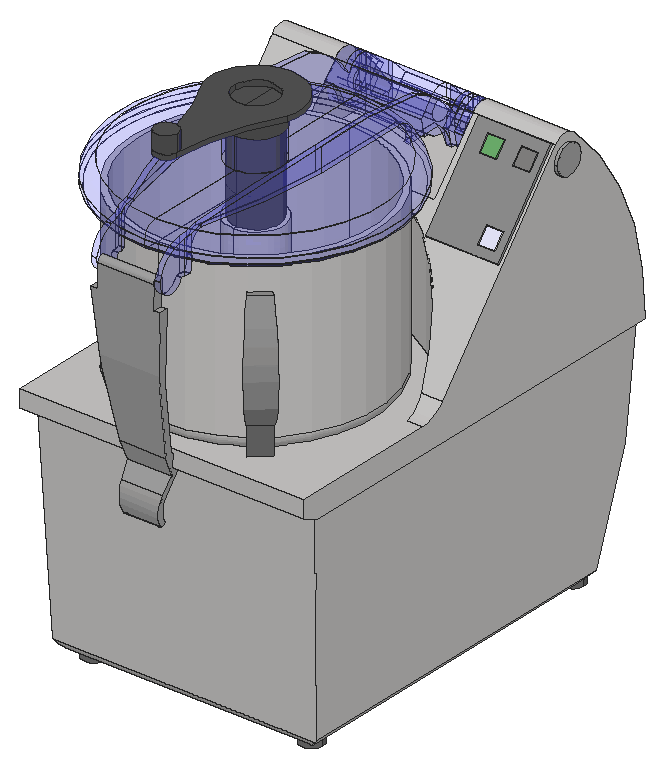
Revit family "QF_DITOSAMA_600448_DK45YVV", category Specialty Equipment, Revit 2018
Family settings
  Round Connector Dimension = Use Diameter
  Part Type = Normal
  Work Plane-Based = No
  Always vertical = Yes
  Cut with Voids When Loaded = No
  Shared = No
  Room Calculation Point = No
Parameters (values of type "Standard")
  Weight = 22.00 kg
  Watts = 0 W
  Volts = 200 V
  URL Manufacturer = "http://www.ditosama.com"
  URL = "http://www.ditosama.com"
  Steam Supply Size = 0 mm
  Steam Supply Minimum Pressure = 0.0 Pa
  Steam Supply Maximum Pressure = 0.0 Pa
  Steam Pounds per Hour = 0
  Refrigeration Suction Line Size = 0.0 mm
  Refrigeration Liquid Line Size = 0.0 mm
  Refrigerant Compressor Remote = yes
  Manufacturer = "Dito Sama"
  Phase = 1
  Model = "DK45YVV"
  Length Actual = 256.0 mm  # constant formula
  Item Number = "600448"
  Hot Water Size = 0 mm
  Height Actual = 482.0 mm  # constant formula
  HP = "1.3 HP"
  Gas Size = 0 mm
  Gas KW = 0
  Gas Input Pressure = 0 W
  Direct Waste Size = 0 mm
  Description = "CUTTER-MIXER 4.5L-MICROTOOTHED BLADE-VARIAB.SPEED-1000W-200-240/1/50-60"
  Depth Actual = 415.0 mm  # constant formula
  Cycle = 50 Hz
  Condensate Return Size = 0 mm
  Compressed Air Volume = 0.0 L/s
  Compressed Air Size = 0 mm
  Compressed Air Pressure = 0.0 Pa
  Cold Water Size = 0 mm
  Accessory = yes
Reference planes
  plane 1 "Center (Front/Back)": y = 0
  plane 2: z = 0
  plane 3 "Center (Left/Right)": x = 0
  plane 4 "BASE": z = 6
  plane 5 "TOP": z = 685
  plane 6 "FRONT": y = -207.5
  plane 7 "BACK": y = 207.5
  plane 8 "LEFT": x = -128
  plane 9 "RIGHT": x = 128
  plane 10 "CenterX": x = -10
  plane 11 "Maniglia": through (-10, -59.177, 4000) normal (0.766, 0.6428, 0)
  plane 12 "Panel": through (4267.2, 107.252, 388.448) normal (0, 0.766, -0.6428)
  plane 13: z = 470
Forms (mm)
  Extrusion 1, solid, material "QF_Finishes_Stainless Steel"
    sketch origin (0, 0, 0) x (0, 1, 0) y (0, 0, 1)
      loop
        arc (155.897, 6) -> (160.37, 10.596) -> (163.359, 16.27) r 22.417
        arc (163.359, 16.27) -> (192.273, 107.896) -> (201.98, 203.483) r 470.678
        line (201.98, 203.483) -> (-161.42, 203.483)
        arc (-161.42, 203.483) -> (-159.547, 108.877) -> (-151.391, 14.604) r 1423.016
        arc (-151.391, 14.604) -> (-146.603, 8.365) -> (-139.103, 6) r 13.076
        line (-139.103, 6) -> (155.897, 6)
    from -128 to 128
  Extrusion 2, void
    sketch origin (0, -207.5, 0) x (-1, 0, 0) y (0, 0, 1)
      loop
        line (128, 203.483) -> (125, 203.483) -> (119.389, 16.27) -> (109.119, 6) -> (128, 6) -> (128, 203.483)
      loop
        line (-128, 203.483) -> (-128, 6) -> (-109.119, 6) -> (-119.389, 16.27) -> (-125, 203.483) -> (-128, 203.483)
    from 14.374 to 435.947
  Extrusion 3, solid, material "QF_Finishes_Stainless Steel"
    sketch origin (0, 0, 0) x (0, 1, 0) y (0, 0, 1)
      loop
        arc (207.5, 203.483) -> (187.745, 305.45) -> (127.203, 389.844) r 242.898
        arc (127.203, 389.844) -> (116.931, 393.38) -> (107.252, 388.448) r 13.902
        line (107.252, 388.448) -> (-20.106, 236.67)
        arc (-20.106, 236.67) -> (-30.264, 228.875) -> (-42.764, 226.104) r 29.578
        line (-42.764, 226.104) -> (-177.764, 226.104) -> (-177.764, 211.104) -> (-161.42, 203.483) -> (207.5, 203.483)
    from -128 to 128
  Extrusion 4, void
    sketch origin (0, -207.5, 0) x (-1, 0, 0) y (0, 0, 1)
      loop
        line (-53.607, 393.414) -> (-53.607, 336.684) -> (71.073, 336.684) -> (71.073, 393.414) -> (-53.607, 393.414)
    from 255.469 to 415
  Revolve 5, solid, material "QF_Plastic-Black"
    sketch origin (-10, 0, 0) x (0, -1, 0) y (0, 0, 1)
      loop
        line (59.177, 450.527) -> (28.516, 450.527) -> (35.424, 443.619) -> (35.424, 430.527) -> (38.194, 430.527) -> (38.194, 356.104) -> (59.177, 356.104) -> (59.177, 450.527)
      axis (59.177, 356.104) -> (59.177, 450.527)
    angle from 0 to 360
  Extrusion 6, solid, material "QF_Plastic-Black"
    sketch origin (0, 0, 0) x (1, 0, 0) y (0, 1, 0)
      loop
        arc (-48.167, -71.147) -> (-28.951, -114.517) -> (-19.956, -161.093) r 210.055
        arc (-19.956, -161.093) -> (-10, -170.155) -> (-0.044, -161.093) r 10
        arc (-0.044, -161.093) -> (8.951, -114.517) -> (28.167, -71.147) r 210.055
        arc (28.167, -71.147) -> (-10, -19.177) -> (-48.167, -71.147) r 40
    from 450.5 to 455
  Extrusion 7, solid, material "QF_Plastic-Black"
    sketch origin (0, 0, 0) x (1, 0, 0) y (0, 1, 0)
      loop
        circle (-10, -160.155) r 10
    from 455 to 470
  Extrusion 8, void
    sketch origin (0, 0, 0) x (1, 0, 0) y (0, 1, 0)
      loop
        circle (-10, -59.177) r 19
    from 427.6 to 472.8
  Extrusion 9, void
    sketch origin (0, 0, 0) x (1, 0, 0) y (0, 1, 0)
      loop
        arc (115, -59.177) -> (-10, 65.823) -> (-135, -59.177) r 125
        line (-135, -59.177) -> (115, -59.177)
    from 226.104 to 336.684
  Extrusion 10, void
    sketch origin (-20, 0, 0) x (-1, 0, 0) y (0, -1, 0)
      loop
        line (16.15, 177.864) -> (16.15, -123.86) -> (35.771, -123.86) -> (35.771, 48.192)
        arc (35.771, 48.192) -> (30.047, 105.502) -> (17.781, 161.776) r 500.876
        line (17.781, 161.776) -> (17.781, 171.776) -> (16.15, 177.864)
      loop
        line (40.771, -123.86) -> (45.852, -123.86) -> (45.852, 210.681) -> (21.15, 210.681) -> (21.15, 178.522) -> (22.781, 172.434) -> (22.781, 162.459)
        arc (22.781, 162.459) -> (35.047, 105.893) -> (40.771, 48.297) r 505.876
        line (40.771, 48.297) -> (40.771, -123.86)
    from 350.345 to 477.521
  Extrusion 11, solid, material "Glass"
    sketch origin (-20, 0, 0) x (0, 1, 0) y (0, 0, -1)
      loop
        line (-173.064, -369.647) -> (-181.303, -369.647)
        arc (-181.303, -369.647) -> (-196.341, -361.818) -> (-205.451, -376.117) r 12.548
        arc (-205.451, -376.117) -> (-199.87, -388.651) -> (-189.058, -397.099) r 28.357
        arc (-189.058, -397.099) -> (-65.868, -423.241) -> (59.99, -418.888) r 518.061
        arc (59.99, -418.888) -> (85.116, -404.522) -> (104.437, -382.973) r 90.696
        arc (104.437, -382.973) -> (113.885, -392.821) -> (127.203, -389.844) r 13.902
        arc (127.203, -389.844) -> (135.322, -382.188) -> (143.082, -374.167) r 242.898
        line (143.082, -374.167) -> (137.378, -368.464)
        arc (137.378, -368.464) -> (123.613, -353.84) -> (104.088, -358.543) r 20
        line (104.088, -358.543) -> (99.34, -358.543)
        arc (99.34, -358.543) -> (94.194, -371.609) -> (85.823, -382.884) r 53.446
        line (85.823, -382.884) -> (50.823, -382.884)
        arc (50.823, -382.884) -> (52.796, -383.701) -> (53.614, -385.674) r 2.79
        line (53.614, -385.674) -> (53.614, -390.892)
        arc (53.614, -390.892) -> (50.154, -399.244) -> (41.802, -402.703) r 11.812
        line (41.802, -402.703) -> (-160.307, -402.703)
        arc (-160.307, -402.703) -> (-168.659, -399.244) -> (-172.119, -390.892) r 11.812
        line (-172.119, -390.892) -> (-172.119, -385.826)
        arc (-172.119, -385.826) -> (-171.728, -384.361) -> (-170.659, -383.285) r 2.942
        line (-170.659, -383.285) -> (-173.064, -369.647)
      loop
        circle (117.901, -373.007) r 9.416
    from 16.15 to 45.852
  Extrusion 12, solid, material "Glass"
    sketch origin (0, 0, 0) x (0, 1, 0) y (0, 0, 1)
      loop
        line (137.378, 368.464) -> (143.082, 374.167)
        arc (143.082, 374.167) -> (135.322, 382.188) -> (127.203, 389.844) r 242.898
        arc (127.203, 389.844) -> (116.931, 393.38) -> (107.252, 388.448) r 13.902
        line (107.252, 388.448) -> (95.766, 374.76)
        arc (95.766, 374.76) -> (97.862, 366.72) -> (99.34, 358.543) r 108.872
        line (99.34, 358.543) -> (104.088, 358.543)
        arc (104.088, 358.543) -> (123.613, 353.84) -> (137.378, 368.464) r 20
      loop
        circle (117.901, 373.007) r 9.416
    from -71.073 to 53.607
  Extrusion 13, solid, material "QF_Finishes_Gray"
    sketch origin (0, 0, 0) x (0, 1, 0) y (0, 0, 1)
      loop
        arc (-182.273, 168.111) -> (-185.377, 178.111) -> (-182.273, 188.111) r 17.658
        line (-182.273, 188.111) -> (-169.592, 207.294) -> (-177.764, 211.104) -> (-177.764, 222.201) -> (-180.378, 224.815)
        arc (-180.378, 224.815) -> (-194.973, 298.318) -> (-196.805, 373.235) r 437.299
        arc (-196.805, 373.235) -> (-201.296, 377.726) -> (-205.788, 373.235) r 4.491
        arc (-205.788, 373.235) -> (-201.07, 296.739) -> (-185.461, 221.705) r 534.528
        line (-185.461, 221.705) -> (-177.764, 203.503) -> (-186.394, 190.943)
        arc (-186.394, 190.943) -> (-190.377, 178.111) -> (-186.394, 165.28) r 22.658
        arc (-186.394, 165.28) -> (-182.917, 164.635) -> (-182.273, 168.111) r 2.5
    from -49.646 to 27.326
  Extrusion 14, void
    sketch origin (0, -207.5, 0) x (-1, 0, 0) y (0, 0, 1)
      loop
        line (-15.15, 396.938) -> (-47.326, 396.938) -> (-47.326, 161.938) -> (-5.366, 161.938) -> (-20.516, 351.652) -> (-15.15, 351.652) -> (-15.15, 396.938)
      loop
        line (26.963, 161.938) -> (77.918, 161.938) -> (77.918, 396.938) -> (35.15, 396.938) -> (35.15, 351.652) -> (42.113, 351.652) -> (26.963, 161.938)
    from 46.08 to -69.339
  Extrusion 15, solid, material "Glass"
    sketch origin (0, 0, 0) x (0, 1, 0) y (0, 0, 1)
      loop
        line (-173.064, 369.647) -> (-170.659, 383.285)
        arc (-170.659, 383.285) -> (-171.728, 384.361) -> (-172.119, 385.826) r 2.942
        line (-172.119, 385.826) -> (-172.119, 390.892)
        arc (-172.119, 390.892) -> (-168.659, 399.244) -> (-160.307, 402.703) r 11.812
        line (-160.307, 402.703) -> (41.802, 402.703)
        arc (41.802, 402.703) -> (50.154, 399.244) -> (53.614, 390.892) r 11.812
        line (53.614, 390.892) -> (53.614, 385.674)
        arc (53.614, 385.674) -> (52.796, 383.701) -> (50.823, 382.884) r 2.79
        line (50.823, 382.884) -> (85.823, 382.884)
        arc (85.823, 382.884) -> (94.194, 371.609) -> (99.34, 358.543) r 53.446
        line (99.34, 358.543) -> (104.088, 358.543)
        arc (104.088, 358.543) -> (123.613, 353.84) -> (137.378, 368.464) r 20
        line (137.378, 368.464) -> (143.082, 374.167)
        arc (143.082, 374.167) -> (135.322, 382.188) -> (127.203, 389.844) r 242.898
        arc (127.203, 389.844) -> (113.885, 392.821) -> (104.437, 382.973) r 13.902
        arc (104.437, 382.973) -> (85.116, 404.522) -> (59.99, 418.888) r 90.696
        arc (59.99, 418.888) -> (-65.868, 423.241) -> (-189.058, 397.099) r 518.061
        arc (-189.058, 397.099) -> (-199.87, 388.651) -> (-205.451, 376.117) r 28.357
        arc (-205.451, 376.117) -> (-196.341, 361.818) -> (-181.303, 369.647) r 12.548
        line (-181.303, 369.647) -> (-173.064, 369.647)
      loop
        circle (117.901, 373.007) r 9.416
    from 16.15 to 45.852
  Extrusion 16, void
    sketch origin (0, 0, 0) x (1, 0, 0) y (0, 1, 0)
      loop
        line (16.15, -177.864) -> (17.781, -171.776) -> (17.781, -161.776)
        arc (17.781, -161.776) -> (30.047, -105.502) -> (35.771, -48.192) r 500.876
        line (35.771, -48.192) -> (35.771, 123.86) -> (16.15, 123.86) -> (16.15, -177.864)
      loop
        line (40.771, 123.86) -> (40.771, -48.297)
        arc (40.771, -48.297) -> (35.047, -105.893) -> (22.781, -162.459) r 505.876
        line (22.781, -162.459) -> (22.781, -172.434) -> (21.15, -178.522) -> (21.15, -210.681) -> (45.852, -210.681) -> (45.852, 123.86) -> (40.771, 123.86)
    from 350.345 to 477.521
  Revolve 17, solid, material "Glass"
    sketch origin (-10, 0, -40) x (0, -1, 0) y (0, 0, 1)
      loop
        line (38.194, 422.884) -> (38.194, 470.527) -> (35.424, 470.527) -> (35.424, 442.703) -> (-53.802, 442.703)
        arc (-53.802, 442.703) -> (-62.213, 439.268) -> (-65.732, 430.892) r 11.871
        line (-65.732, 430.892) -> (-65.732, 425.793)
        arc (-65.732, 425.793) -> (-64.88, 423.736) -> (-62.823, 422.884) r 2.909
        line (-62.823, 422.884) -> (38.194, 422.884)
      axis (59.177, 422.884) -> (59.177, 470.527)
    angle from 0 to 360
  Revolve 18, solid, material "QF_Metal-Stainless-Polished"
    sketch origin (-10, 0, 0) x (0, -1, 0) y (0, 0, 1)
      loop
        line (169.177, 382.884) -> (164.177, 382.884) -> (164.177, 237.884)
        arc (164.177, 237.884) -> (162.191, 233.09) -> (157.397, 231.104) r 6.78
        line (157.397, 231.104) -> (84.177, 231.104) -> (84.177, 356.104) -> (79.177, 356.104) -> (79.177, 226.104) -> (157.397, 226.104)
        arc (157.397, 226.104) -> (165.726, 229.554) -> (169.177, 237.884) r 11.78
        line (169.177, 237.884) -> (169.177, 382.884)
      axis (59.177, 382.884) -> (59.177, 226.104)
    angle from 0 to 360
  Extrusion 19, solid, material "QF_Plastic-Gray-Matte"
    sketch origin (-49.423, -13.925, 0) x (0.634002, 0.773331, 0) y (-0.773331, 0.634002, 0)
      loop
        line (-55.497, -222.333) -> (-26.468, -227.794) -> (-20.635, -161.119)
        arc (-20.635, -161.119) -> (-28.727, -159.898) -> (-36.729, -158.185) r 133.529
        line (-36.729, -158.185) -> (-55.497, -222.333)
    from 226.104 to 356.104
  Revolve 20, void
    sketch origin (-35.007, -29.374, 0) x (-0.642788, 0.766044, 0) y (0, 0, 1)
      loop
        arc (-155.215, 337.579) -> (-171.344, 302.579) -> (-155.215, 267.579) r 46.04
        line (-155.215, 267.579) -> (-147.754, 267.579) -> (-147.754, 337.579) -> (-155.215, 337.579)
      loop
        line (-155.215, 356.104) -> (-147.754, 356.104) -> (-147.754, 361.761) -> (-215.215, 361.761) -> (-215.215, 226.104) -> (-147.754, 226.104) -> (-147.754, 256.485) -> (-163.93, 256.485)
        arc (-163.93, 256.485) -> (-184.453, 308.471) -> (-155.215, 356.104) r 62.537
      axis (10, 361.761) -> (10, 226.104)
    angle from -8.217 to 8.652
  Extrusion 21, solid, material "QF_Finishes_Rubber Black"
    sketch origin (0, 0, 0) x (1, 0, 0) y (0, 1, 0)
      loop
        arc (57.446, -154.071) -> (64.931, -148.135) -> (72.061, -141.775) r 165.215
        line (72.061, -141.775) -> (66.401, -136.116)
        arc (66.401, -136.116) -> (59.824, -141.977) -> (52.928, -147.46) r 157.215
        line (52.928, -147.46) -> (57.446, -154.071)
    from 226.104 to 256.485
  Extrusion 22, solid, material "QF_Plastic-Gray-Matte"
    sketch origin (0, -128.336, 107.686) x (0, 0.642788, 0.766044) y (1, 0, 0)
      loop
        line (366.07, 59.066) -> (366.07, 124.8) -> (272.743, 124.8) -> (272.743, 59.066) -> (366.07, 59.066)
      loop
        line (356.63, 102.599) -> (356.63, 117.599) -> (341.63, 117.599) -> (341.63, 102.599) -> (356.63, 102.599)
      loop
        line (295.63, 102.599) -> (295.63, 117.599) -> (280.63, 117.599) -> (280.63, 102.599) -> (295.63, 102.599)
      loop
        line (356.63, 72.599) -> (356.63, 87.599) -> (341.63, 87.599) -> (341.63, 72.599) -> (356.63, 72.599)
    from -1 to 0.6
  Extrusion 23, solid, material "QF_Finishes_Red"
    sketch origin (0, -128.336, 107.686) x (0, 0.642788, 0.766044) y (1, 0, 0)
      loop
        line (356.63, 102.599) -> (356.63, 117.599) -> (341.63, 117.599) -> (341.63, 102.599) -> (356.63, 102.599)
    from -1 to 0.6
  Extrusion 24, solid, material "QF_Finishes_Green"
    sketch origin (-27.396, -127.834, 108.284) x (0, 0.642788, 0.766044) y (1, 0, 0)
      loop
        line (355.85, 99.994) -> (355.85, 114.994) -> (340.786, 114.994) -> (340.786, 99.994) -> (355.85, 99.994)
    from -1 to 0.6
  Extrusion 25, solid, material "QF_Plastic-White-Matte"
    sketch origin (0, -167.546, 60.958) x (0, 0.642788, 0.766044) y (1, 0, 0)
      loop
        line (356.63, 102.599) -> (356.63, 117.599) -> (341.63, 117.599) -> (341.63, 102.599) -> (356.63, 102.599)
    from -1 to 0.6
  Extrusion 26, solid, material "QF_Finishes_Stainless Steel"
    sketch origin (0, 207.5, 0) x (-1, 0, 0) y (0, 0, 1)
      loop
        circle (0, 202) r 10.353
    from -6.2 to 3
  Revolve 27, solid, material "QF_Door-Drawer Clearances", detail levels coarse
    sketch origin (-10, -221.856, 479.549) x (0, 0, 1) y (0, 1, 0)
      loop
        line (59.177, 490.527) -> (28.516, 490.527) -> (35.424, 483.619) -> (35.424, 470.527) -> (38.194, 470.527) -> (38.194, 442.703) -> (59.177, 442.703) -> (59.177, 490.527)
      axis (59.177, 442.703) -> (59.177, 490.527)
    angle from 0 to 360
  Extrusion 28, solid, material "QF_Door-Drawer Clearances", detail levels coarse
    sketch origin (0, -221.856, 479.549) x (1, 0, 0) y (0, 0, -1)
      loop
        arc (-48.167, -71.147) -> (-28.951, -114.517) -> (-19.956, -161.093) r 210.055
        arc (-19.956, -161.093) -> (-10, -170.155) -> (-0.044, -161.093) r 10
        arc (-0.044, -161.093) -> (8.951, -114.517) -> (28.167, -71.147) r 210.055
        arc (28.167, -71.147) -> (-10, -19.177) -> (-48.167, -71.147) r 40
    from 490.527 to 495.013
  Extrusion 29, solid, material "QF_Door-Drawer Clearances", detail levels coarse
    sketch origin (0, -221.856, 479.549) x (1, 0, 0) y (0, 0, -1)
      loop
        circle (-10, -160.155) r 10
    from 495.013 to 510.592
  Extrusion 30, void
    sketch origin (-20, -221.856, 479.359) x (-1, 0, 0) y (0, 0, 1)
      loop
        line (16.15, 177.864) -> (16.15, -123.86) -> (35.771, -123.86) -> (35.771, 48.192)
        arc (35.771, 48.192) -> (30.047, 105.502) -> (17.781, 161.776) r 500.876
        line (17.781, 161.776) -> (17.781, 171.776) -> (16.15, 177.864)
      loop
        line (40.771, -123.86) -> (45.852, -123.86) -> (45.852, 210.681) -> (21.15, 210.681) -> (21.15, 178.522) -> (22.781, 172.434) -> (22.781, 162.459)
        arc (22.781, 162.459) -> (35.047, 105.893) -> (40.771, 48.297) r 505.876
        line (40.771, 48.297) -> (40.771, -123.86)
    from 350.345 to 477.521
  Extrusion 31, solid, material "QF_Door-Drawer Clearances", detail levels coarse
    sketch origin (-20, -221.856, 479.359) x (0, 0, -1) y (0, -1, 0)
      loop
        line (-173.064, -409.647) -> (-181.303, -409.647)
        arc (-181.303, -409.647) -> (-196.341, -401.818) -> (-205.451, -416.117) r 12.548
        arc (-205.451, -416.117) -> (-199.87, -428.651) -> (-189.058, -437.099) r 28.357
        arc (-189.058, -437.099) -> (-65.868, -463.241) -> (59.99, -458.888) r 518.061
        arc (59.99, -458.888) -> (92.246, -438.11) -> (113.023, -405.855) r 90.696
        arc (113.023, -405.855) -> (114.903, -399.662) -> (115.972, -393.28) r 50.278
        arc (115.972, -393.28) -> (121.968, -392.806) -> (127.203, -389.844) r 13.902
        arc (127.203, -389.844) -> (129.309, -387.924) -> (131.393, -385.98) r 242.898
        arc (131.393, -385.98) -> (114.739, -373.307) -> (99.238, -359.247) r 242.898
        arc (99.238, -359.247) -> (87.934, -393.903) -> (65.823, -422.884) r 108.872
        line (65.823, -422.884) -> (50.823, -422.884)
        arc (50.823, -422.884) -> (52.796, -423.701) -> (53.614, -425.674) r 2.79
        line (53.614, -425.674) -> (53.614, -430.892)
        arc (53.614, -430.892) -> (50.154, -439.244) -> (41.802, -442.703) r 11.812
        line (41.802, -442.703) -> (-160.307, -442.703)
        arc (-160.307, -442.703) -> (-168.659, -439.244) -> (-172.119, -430.892) r 11.812
        line (-172.119, -430.892) -> (-172.119, -425.826)
        arc (-172.119, -425.826) -> (-171.728, -424.361) -> (-170.659, -423.285) r 2.942
        line (-170.659, -423.285) -> (-173.064, -409.647)
    from 16.15 to 45.852
  Extrusion 32, void
    sketch origin (0, -221.856, 479.359) x (1, 0, 0) y (0, 0, -1)
      loop
        line (16.15, -177.864) -> (17.781, -171.776) -> (17.781, -161.776)
        arc (17.781, -161.776) -> (30.047, -105.502) -> (35.771, -48.192) r 500.876
        line (35.771, -48.192) -> (35.771, 123.86) -> (16.15, 123.86) -> (16.15, -177.864)
      loop
        line (40.771, 123.86) -> (40.771, -48.297)
        arc (40.771, -48.297) -> (35.047, -105.893) -> (22.781, -162.459) r 505.876
        line (22.781, -162.459) -> (22.781, -172.434) -> (21.15, -178.522) -> (21.15, -210.681) -> (45.852, -210.681) -> (45.852, 123.86) -> (40.771, 123.86)
    from 350.345 to 477.521
  Extrusion 33, solid, material "QF_Door-Drawer Clearances", detail levels coarse
    sketch origin (0, -221.856, 479.359) x (0, 0, -1) y (0, 1, 0)
      loop
        line (-173.064, 409.647) -> (-170.659, 423.285)
        arc (-170.659, 423.285) -> (-171.728, 424.361) -> (-172.119, 425.826) r 2.942
        line (-172.119, 425.826) -> (-172.119, 430.892)
        arc (-172.119, 430.892) -> (-168.659, 439.244) -> (-160.307, 442.703) r 11.812
        line (-160.307, 442.703) -> (41.802, 442.703)
        arc (41.802, 442.703) -> (50.154, 439.244) -> (53.614, 430.892) r 11.812
        line (53.614, 430.892) -> (53.614, 425.674)
        arc (53.614, 425.674) -> (52.796, 423.701) -> (50.823, 422.884) r 2.79
        line (50.823, 422.884) -> (65.823, 422.884)
        arc (65.823, 422.884) -> (87.934, 393.903) -> (99.238, 359.247) r 108.872
        arc (99.238, 359.247) -> (114.739, 373.307) -> (131.393, 385.98) r 242.898
        arc (131.393, 385.98) -> (129.309, 387.924) -> (127.203, 389.844) r 242.898
        arc (127.203, 389.844) -> (121.968, 392.806) -> (115.972, 393.28) r 13.902
        arc (115.972, 393.28) -> (114.903, 399.662) -> (113.023, 405.855) r 50.278
        arc (113.023, 405.855) -> (92.246, 438.11) -> (59.99, 458.888) r 90.696
        arc (59.99, 458.888) -> (-65.868, 463.241) -> (-189.058, 437.099) r 518.061
        arc (-189.058, 437.099) -> (-199.87, 428.651) -> (-205.451, 416.117) r 28.357
        arc (-205.451, 416.117) -> (-196.341, 401.818) -> (-181.303, 409.647) r 12.548
        line (-181.303, 409.647) -> (-173.064, 409.647)
    from 16.15 to 45.852
  Revolve 34, solid, material "QF_Door-Drawer Clearances", detail levels coarse
    sketch origin (-10, -221.856, 479.549) x (0, 0, 1) y (0, 1, 0)
      loop
        line (38.194, 422.884) -> (38.194, 470.527) -> (35.424, 470.527) -> (35.424, 442.703) -> (-53.802, 442.703)
        arc (-53.802, 442.703) -> (-62.213, 439.268) -> (-65.732, 430.892) r 11.871
        line (-65.732, 430.892) -> (-65.732, 425.793)
        arc (-65.732, 425.793) -> (-64.88, 423.736) -> (-62.823, 422.884) r 2.909
        line (-62.823, 422.884) -> (38.194, 422.884)
      axis (59.177, 422.884) -> (59.177, 470.527)
    angle from 0 to 360
  Extrusion 35, solid, material "QF_Finishes_Rubber Black"
    sketch origin (0, 0, 0) x (1, 0, 0) y (0, 1, 0)
      loop
        circle (-98.592, 163.359) r 10
      loop
        circle (-98.592, -131.641) r 10
      loop
        circle (98.592, 163.359) r 10
      loop
        circle (98.592, -131.641) r 10
    from 0 to 6
  Extrusion 36, solid, material "QF_Finishes_Gray"
    sketch origin (0, 0, 0) x (0, 1, 0) y (0, 0, 1)
      loop
        circle (117.901, 373.007) r 13.005
    from 131.516 to 128
  Extrusion 37, solid, material "QF_Finishes_Gray"
    sketch origin (0, 0, 0) x (0, 1, 0) y (0, 0, -1)
      loop
        circle (117.901, -373.007) r 13.005
    from 131.516 to 128
Cuts and joins
  Extrusion 2, Extrusion 8, Extrusion 9 cuts Extrusion 1
  Extrusion 4, Extrusion 9 cuts Extrusion 3
  Extrusion 8 cuts Extrusion 6
  Extrusion 10, Extrusion 16, Extrusion 30, Extrusion 32 cuts Extrusion 11
  Extrusion 14, Extrusion 16, Extrusion 30 cuts Extrusion 13
  Extrusion 16, Extrusion 30, Extrusion 32 cuts Extrusion 12
  Extrusion 16 cuts Extrusion 15
  Revolve 20 cuts Extrusion 19
  Extrusion 30 cuts Revolve 17
  Extrusion 30 cuts Revolve 18
  Extrusion 30, Extrusion 32 cuts Extrusion 31
  Extrusion 32 cuts Extrusion 33
Lines and regions (mm)
  symbolic lines
    curve 1: arc (-10, -172.155, 0) -> (3.999, -171.284, 0) -> (17.781, -168.686, 0) r 112.979
    curve 2: arc (-10, -184.085, 0) -> (-23.148, -183.391, 0) -> (-36.15, -181.317, 0) r 124.909
    curve 3: line (128, -157.764, 0) -> (128, 187.57, 0)
    curve 4: line (124.8, 106.204, 0) -> (59.066, 106.204, 0)
    curve 5: line (102.599, 90.494, 0) -> (117.599, 90.494, 0)
    curve 6: line (117.599, 62.151, 0) -> (102.599, 62.151, 0)
    curve 7: line (102.599, 51.284, 0) -> (117.599, 51.284, 0)
    curve 8: line (102.599, 62.151, 0) -> (102.599, 51.284, 0)
    curve 9: line (117.599, 51.284, 0) -> (117.599, 62.151, 0)
    curve 10: line (117.599, 90.494, 0) -> (117.599, 101.361, 0)
    curve 11: line (102.599, 101.361, 0) -> (102.599, 90.494, 0)
    curve 12: arc (-0.044, -161.093, 0) -> (8.951, -114.517, 0) -> (28.167, -71.147, 0) r 210.055
    curve 13: arc (28.167, -71.147, 0) -> (-10, -19.177, 0) -> (-48.167, -71.147, 0) r 40
    curve 14: arc (-48.167, -71.147, 0) -> (-28.951, -114.517, 0) -> (-19.956, -161.093, 0) r 210.055
    curve 15: arc (-19.956, -161.093, 0) -> (-10, -170.155, 0) -> (-0.044, -161.093, 0) r 10
    curve 16: arc (0, -160.155, 0) -> (-10, -150.155, 0) -> (-20, -160.155, 0) r 10
    curve 17: arc (-55.771, -48.192, 0) -> (-50.047, -105.502, 0) -> (-37.781, -161.776, 0) r 500.876
    curve 18: arc (-42.781, -162.459, 0) -> (-55.047, -105.893, 0) -> (-60.771, -48.297, 0) r 505.876
    curve 19: line (-55.771, 123.86, 0) -> (-55.771, -48.192, 0)
    curve 20: line (-60.771, -48.297, 0) -> (-60.771, 123.86, 0)
    curve 21: line (40.771, 123.86, 0) -> (40.771, -48.297, 0)
    curve 22: line (35.771, -48.192, 0) -> (35.771, 123.86, 0)
    curve 23: arc (40.771, -48.297, 0) -> (35.047, -105.893, 0) -> (22.781, -162.459, 0) r 505.876
    curve 24: arc (17.781, -161.776, 0) -> (30.047, -105.502, 0) -> (35.771, -48.192, 0) r 500.876
    curve 25: line (22.781, -162.459, 0) -> (22.781, -172.434, 0)
    curve 26: line (17.781, -171.776, 0) -> (17.781, -161.776, 0)
    curve 27: line (16.15, -177.864, 0) -> (17.781, -171.776, 0)
    curve 28: line (22.781, -172.434, 0) -> (21.15, -178.522, 0)
    curve 29: line (21.15, -178.522, 0) -> (21.15, -205.641, 0)
    curve 30: line (-37.781, -161.776, 0) -> (-37.781, -171.776, 0)
    curve 31: line (-42.781, -172.434, 0) -> (-42.781, -162.459, 0)
    curve 32: line (-41.15, -178.522, 0) -> (-42.781, -172.434, 0)
    curve 33: line (-37.781, -171.776, 0) -> (-36.15, -177.864, 0)
    curve 34: line (-41.15, -205.641, 0) -> (-41.15, -178.522, 0)
    curve 35: spline (22.008, -197.61, 0) -> (21.937, -197.617, 0) -> (21.865, -197.622, 0) -> (21.794, -197.626, 0) -> (21.722, -197.627, 0) -> (21.651, -197.627, 0) -> (21.579, -197.625, 0) -> (21.508, -197.621, 0) -> (21.436, -197.615, 0) -> (21.365, -197.608, 0) -> (21.293, -197.598, 0) -> (21.222, -197.587, 0) -> (21.15, -197.574, 0)
    curve 36: line (-71.073, 171.51, 0) -> (53.607, 171.51, 0)
    curve 37: line (59.066, 46.214, 0) -> (124.8, 46.214, 0)
    curve 38: line (59.066, 106.204, 0) -> (59.066, 46.214, 0)
    curve 39: line (124.8, 46.214, 0) -> (124.8, 107.429, 0)
    curve 40: line (53.607, 48.324, 0) -> (53.607, 171.51, 0)
    curve 41: line (-71.073, 171.51, 0) -> (-71.073, 49.783, 0)
    curve 42: arc (40.771, 54.948, 0) -> (114.476, -69.566, 0) -> (21.15, -180.138, 0) r 124.909
    curve 43: arc (-60.771, 41.751, 0) -> (-122.562, -68.863, 0) -> (-42.781, -167.295, 0) r 112.979
    curve 44: line (93.154, -162.392, 0) -> (78.293, -147.531, 0)
    curve 45: line (93.154, -162.392, 0) -> (74.048, -178.424, 0)
    curve 46: line (74.048, -178.424, 0) -> (61.96, -161.274, 0)
    curve 47: arc (-37.781, -168.686, 0) -> (-23.999, -171.284, 0) -> (-10, -172.155, 0) r 112.979
    curve 48: arc (-41.15, -180.138, 0) -> (-94.625, -151.05, 0) -> (-128, -100.142, 0) r 124.909
    curve 49: arc (22.781, -167.295, 0) -> (102.562, -68.863, 0) -> (40.771, 41.751, 0) r 112.979
    curve 50: arc (16.15, -181.317, 0) -> (3.148, -183.391, 0) -> (-10, -184.085, 0) r 124.909
    curve 51: line (16.15, -205.242, 0) -> (16.15, -177.864, 0)
    curve 52: line (-36.15, -205.641, 0) -> (-36.15, -177.864, 0)
    curve 53: line (-41.15, -205.641, 0) -> (21.15, -205.641, 0)
    curve 54: line (22.008, -205.53, 0) -> (22.008, -197.61, 0)
    curve 55: line (22.008, -205.53, 0) -> (21.15, -205.53, 0)
    curve 56: spline (-42.008, -197.61, 0) -> (-41.937, -197.617, 0) -> (-41.865, -197.622, 0) -> (-41.794, -197.626, 0) -> (-41.722, -197.627, 0) -> (-41.651, -197.627, 0) -> (-41.579, -197.625, 0) -> (-41.508, -197.621, 0) -> (-41.436, -197.615, 0) -> (-41.365, -197.608, 0) -> (-41.293, -197.598, 0) -> (-41.222, -197.587, 0) -> (-41.15, -197.574, 0)
    curve 57: line (-42.008, -205.53, 0) -> (-42.008, -197.61, 0)
    curve 58: line (-42.008, -205.53, 0) -> (-41.15, -205.53, 0)
    curve 59: arc (-128, -18.211, 0) -> (-101.973, 25.34, 0) -> (-60.771, 54.948, 0) r 124.909
    curve 60: arc (-128, -100.142, 0) -> (-134.909, -59.177, 0) -> (-128, -18.211, 0) r 124.909
    curve 61: line (-108, -177.764, 0) -> (-49.233, -177.764, 0)
    curve 62: line (-128, 187.57, 0) -> (-128, -17.764, 0)
    curve 63: line (29.233, -177.764, 0) -> (108, -177.764, 0)
    curve 64: line (-128, -97.764, 0) -> (-128, -157.764, 0)
    curve 65: line (-108, 207.57, 0) -> (108, 207.57, 0)
    curve 66: arc (-128, -157.764, 0) -> (-122.142, -171.906, 0) -> (-108, -177.764, 0) r 20
    curve 67: arc (108, -177.764, 0) -> (122.142, -171.906, 0) -> (128, -157.764, 0) r 20
    curve 68: arc (128, 187.57, 0) -> (122.142, 201.713, 0) -> (108, 207.57, 0) r 20
    curve 69: arc (-108, 207.57, 0) -> (-122.142, 201.713, 0) -> (-128, 187.57, 0) r 20
    curve 70: line (45.852, 123.86, 0) -> (-71.073, 123.86, 0)
    curve 71: line (45.852, 137.378, 0) -> (-65.852, 137.378, 0)
    curve 72: line (45.852, 143.082, 0) -> (-65.852, 143.082, 0)
    curve 73: line (53.607, 123.86, 0) -> (45.852, 123.86, 0)
    curve 74: line (45.852, 123.86, 0) -> (45.852, 170.216, 0)
    curve 75: line (45.852, 170.216, 0) -> (-65.852, 170.216, 0)
    curve 76: line (-65.852, 170.216, 0) -> (-65.852, 123.86, 0)
    curve 77: line (102.599, 101.361, 0) -> (117.599, 101.361, 0)
    curve 78: line (72.599, 90.494, 0) -> (87.599, 90.494, 0)
    curve 79: line (87.599, 90.494, 0) -> (87.599, 101.361, 0)
    curve 80: line (72.599, 101.361, 0) -> (72.599, 90.494, 0)
    curve 81: line (72.599, 101.361, 0) -> (87.599, 101.361, 0)
Dimensions and locks
  plane 4 "BASE" to level = 6.0 mm
  plane 5 "TOP" to level = 685.0 mm  (x2)
  plane 8 "LEFT" to plane 3 "Center (Left/Right)" to plane 9 "RIGHT" = 128.0 mm, 128.0 mm
  plane 7 "BACK" to plane 1 "Center (Front/Back)" to plane 6 "FRONT" = 207.5 mm, 207.5 mm
  plane 7 "BACK" to plane 6 "FRONT" = 415.0 mm
  plane 8 "LEFT" to plane 9 "RIGHT" = 256.0 mm
  plane 10 "CenterX" to plane 3 "Center (Left/Right)" = 10.0 mm
  plane 13 to level = 470.0 mm
  aligned and locked: level to plane 2
  aligned and locked: Extrusion 22 sketch curve to Extrusion 23
Connectors
  electrical at (0, 210.5, 202)
    settings: on Extrusion 26, index 1, voltage 0 V, apparent load 0 VA, apparent load phase1 0 VA, apparent load phase2 0 VA, apparent load phase3 0 VA, power factor 1, load classification "Other", number of poles 1, system type 30, power factor state 1, is connector primary yes, connector utility no, sub classification motor no, connector description "Electrical connection"
